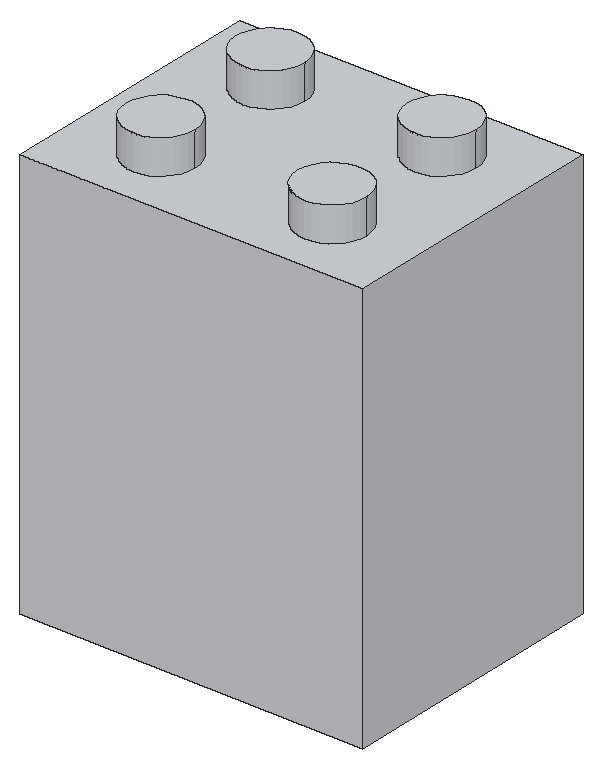
Revit family "TD_CTA double flux", category Equipement de génie climatique, Revit 2026
Family settings
  Cote de connecteur circulaire = Utiliser le diamètre
  Type d'élément = Normal
  Basée sur le plan de construction = Non
  Toujours verticalement = Oui
  Couper avec des vides une fois chargée = Non
  Conserver l'orientation des annotations = Non
  Partagée = Non
  Repère de localisation dans la pièce = Non
Parameters (values of type "TD_CTA double flux")
  Elévation par défaut = 0 mm
  Débit nominal = 0.0 L/s
Reference planes
  plane 1 "Centre (avant/arrière)": y = 0
  plane 2: z = 0
  plane 3 "Centre (gauche/droite)": x = 0
Forms (mm)
  Extrusion 1, solid
    sketch origin (0, 0, 0) x (1, 0, 0) y (0, 1, 0)
      loop
        line (-500, -400) -> (500, -400) -> (500, 400) -> (-500, 400) -> (-500, -400)
    from 0 to 1200
  Extrusion 2, solid
    sketch origin (0, 0, 0) x (1, 0, 0) y (0, 1, 0)
      loop
        circle (-250, -200) r 100
    from 1200 to 1300
  Extrusion 3, solid
    sketch origin (0, 0, 0) x (1, 0, 0) y (0, 1, 0)
      loop
        circle (250, -200) r 100
    from 1200 to 1300
  Extrusion 4, solid
    sketch origin (0, 0, 0) x (1, 0, 0) y (0, 1, 0)
      loop
        circle (-250, 200) r 100
    from 1200 to 1300
  Extrusion 5, solid
    sketch origin (0, 0, 0) x (1, 0, 0) y (0, 1, 0)
      loop
        circle (250, 200) r 100
    from 1200 to 1300
Dimensions and locks
  aligned and locked: level to plane 2
Connectors
  hvac at (-250, -200, 1300)
    settings: on Extrusion 2, index 1, duct flow 0.0 L/s, flow factor 0, pres drop 0.0 Pa, loss coef 0, conn angle 0.00°, conn width 304.8 mm, conn height 304.8 mm, conn diameter 200 mm, duct sys type 1, conn prof type 0, flow config 0, flow direction 2, loss method 0, conn ref index -1, conn util no, is conn primary yes, conn desc ""
  hvac at (250, -200, 1300)
    settings: on Extrusion 3, index 2, duct flow 0.0 L/s, flow factor 0, pres drop 0.0 Pa, loss coef 0, conn angle 0.00°, conn width 304.8 mm, conn height 304.8 mm, conn diameter 200 mm, duct sys type 2, conn prof type 0, flow config 0, flow direction 1, loss method 0, conn ref index -1, conn util no, is conn primary no, conn desc ""
  hvac at (-250, 200, 1300)
    settings: on Extrusion 4, index 3, duct flow 0.0 L/s, flow factor 0, pres drop 0.0 Pa, loss coef 0, conn angle 0.00°, conn width 304.8 mm, conn height 304.8 mm, conn diameter 200 mm, duct sys type 4, conn prof type 0, flow config 0, flow direction 1, loss method 0, conn ref index -1, conn util no, is conn primary no, conn desc ""
  hvac at (250, 200, 1300)
    settings: on Extrusion 5, index 4, duct flow 0.0 L/s, flow factor 0, pres drop 0.0 Pa, loss coef 0, conn angle 0.00°, conn width 304.8 mm, conn height 304.8 mm, conn diameter 200 mm, duct sys type 3, conn prof type 0, flow config 0, flow direction 2, loss method 0, conn ref index -1, conn util no, is conn primary no, conn desc ""
